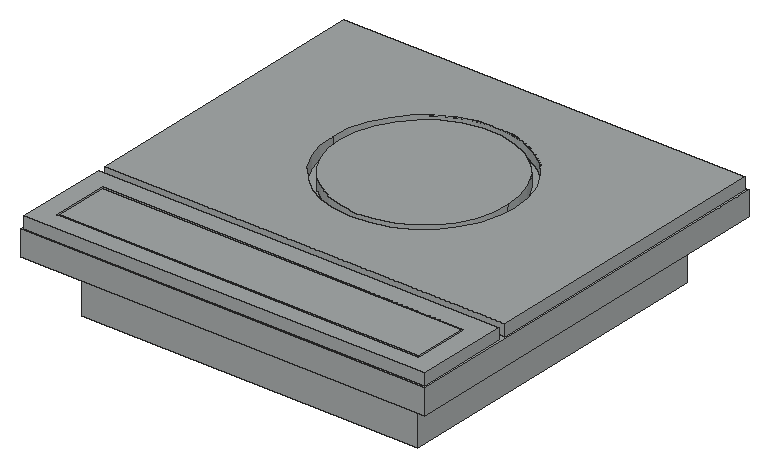
Revit family "Gira_5563926", category Electrical Fixtures, host Face, Revit 2017
Family settings
  Host = Face
  Maintain Annotation Orientation = Yes
  Round Connector Dimension = Use Diameter
  Part Type = Normal
  Cut with Voids When Loaded = No
  Shared = No
  Room Calculation Point = No
Parameters (values of type "Sprachmodul System 106 Aluminium")
  URL = "http://katalog.gira.de/de_DE/datenblatt.html?artikelnr=5563926"
  Region = "DE"
  Name = "Sprachmodul System 106 Aluminium"
  Model = "Sys106_Abdeckung_Schalten und Tasten"
  Manufacturer URL = "https://www.gira.de/"
  Installationstechnik = "Bus-System"
  Höhe = "0,1065 m"
  HeinzeBIM = "https://bimportal.heinze.de/bim/sprachmodul-system-106-aluminium/8863a217da0dae74950ea430de2145e2be8c3495"
  HAN = "5563926"
  GTIN = "4010337022411"
  Farbe = "silber"
  Edelstahl [instance] = Edelstahl
  Default Elevation = 1219.2 mm
  Data sheet (1) = "https://katalog.gira.de/de_DE/download.html?artikelnr=5563926"
  Category = "Funktionsmodul für Türkommunikation"
  Breite = "0,1065 m"
  Available = "Yes"
  Anzahl der Klingeltasten = "0 "
Reference planes
  plane 1 "Center (Front/Back)": y = 0
  plane 2 "Reference Level 0": z = 0
  plane 3 "Center (Left/Right)": x = 0
  plane 4 "Reference Level 1": z = 9.5
Forms (mm)
  Extrusion 1, solid, material "Edelstahl" <- "Edelstahl", detail levels coarse
    sketch origin (0, 0, 0) x (1, 0, 0) y (0, 1, 0)
      loop
        line (-53, 53) -> (-53, -53) -> (53, -53) -> (53, 53) -> (-53, 53)
    from -14.7 to 9.5
  Extrusion 2, solid, material "Edelstahl" <- "Edelstahl", detail levels fine
    sketch origin (0, 0, 0) x (1, 0, 0) y (0, 1, 0)
      loop
        line (52.5, -28) -> (-52.5, -28) -> (-52.5, -52.5) -> (52.5, -52.5) -> (52.5, -28)
      loop
        line (-47.5, -48) -> (47.5, -48) -> (47.5, -33) -> (-47.5, -33) -> (-47.5, -48)
    from 6.5 to 9.5
  Extrusion 3, solid, material "Edelstahl" <- "Edelstahl", detail levels fine
    sketch origin (0, 0, 0) x (1, 0, 0) y (0, 1, 0)
      loop
        line (-52.5, 52.5) -> (-52.5, -26) -> (52.5, -26) -> (52.5, 52.5) -> (-52.5, 52.5)
      loop
        circle (0, 13) r 24
    from 6.5 to 9.5
  Extrusion 4, solid, material "Edelstahl" <- "Edelstahl", detail levels medium+fine
    sketch origin (0, 0, 0) x (1, 0, 0) y (0, 1, 0)
      loop
        line (-53, 53) -> (-53, -53) -> (53, -53) -> (53, 53) -> (-53, 53)
    from 0 to 6.5
  Extrusion 5, solid, material "Edelstahl" <- "Edelstahl", detail levels fine
    sketch origin (0, 0, 0) x (1, 0, 0) y (0, 1, 0)
      loop
        line (-44, 44) -> (-44, -44) -> (44, -44) -> (44, 44) -> (-44, 44)
    from -14.7 to 0
  Extrusion 6, solid, material "Edelstahl" <- "Edelstahl", detail levels fine
    sketch origin (0, 0, 0) x (1, 0, 0) y (0, 1, 0)
      loop
        circle (0, 13) r 22
    from 6.5 to 9.5
  Extrusion 7, solid, material "Edelstahl" <- "Edelstahl", detail levels fine
    sketch origin (0, 0, 0) x (1, 0, 0) y (0, 1, 0)
      loop
        line (-47, -33.5) -> (-47, -47.5) -> (47, -47.5) -> (47, -33.5) -> (-47, -33.5)
    from 6.5 to 9.5
  Extrusion 8, solid, material "Edelstahl" <- "Edelstahl", detail levels medium
    sketch origin (0, 0, 0) x (1, 0, 0) y (0, 1, 0)
      loop
        line (-52.5, 52.5) -> (-52.5, -26) -> (52.5, -26) -> (52.5, 52.5) -> (-52.5, 52.5)
      loop
        line (-52.5, -28) -> (-52.5, -52.5) -> (52.5, -52.5) -> (52.5, -28) -> (-52.5, -28)
    from 6.5 to 9.5
  Extrusion 9, solid, material "Edelstahl" <- "Edelstahl", detail levels medium
    sketch origin (0, 0, 0) x (1, 0, 0) y (0, 1, 0)
      loop
        circle (0, 13) r 24
      loop
        line (-47.5, -33) -> (-47.5, -48) -> (47.5, -48) -> (47.5, -33) -> (-47.5, -33)
    from 6.5 to 9.5
Dimensions and locks
  aligned and locked: plane 2 "Reference Level 0" to host face
  aligned and locked: level to host face
  aligned and locked: Extrusion 4 to host face
  aligned and locked: Extrusion 4 to level
  aligned and locked: level to Extrusion 5
  aligned and locked: level to Extrusion 4
  aligned and locked: Extrusion 4 to plane 2 "Reference Level 0"
  aligned and locked: plane 2 "Reference Level 0" to Extrusion 5
  aligned and locked: plane 3 "Center (Left/Right)" to nested 1
  aligned and locked: plane 1 "Center (Front/Back)" to nested 1
Nested families
  nested 1: "Schalter" at (0, 0, 0), type "Schalter"
Connectors
  electrical at (0, 0, -14.7)
    settings: on Extrusion 5, index 1, voltage 220 V, apparent load 0 VA, apparent load phase1 0 VA, apparent load phase2 0 VA, apparent load phase3 0 VA, power factor 1, load classification "Other", number of poles 1, system type 30, power factor state 1, is connector primary yes, connector utility no, sub classification motor no, connector description ""
Definition of nested family "Schalter"
  Reference planes
    plane 1: y = 0
    plane 2: x = 0
  Lines and regions (mm)
    detail lines
      curve 1: circle (1.375, 2.778, 0) r 0.8 normal (0, 0, 1)
      curve 2: line (1.021, 2.061, 0) -> (0, 0, 0)
      curve 3: line (0, 0, 0) -> (-0.538, 0.266, 0)
  Dimensions and locks
    curve 2 to curve 2 = 2.3 mm
    curve 3 to curve 2 = 0.6 mm
    radius of curve 1 = 0.8 mm
